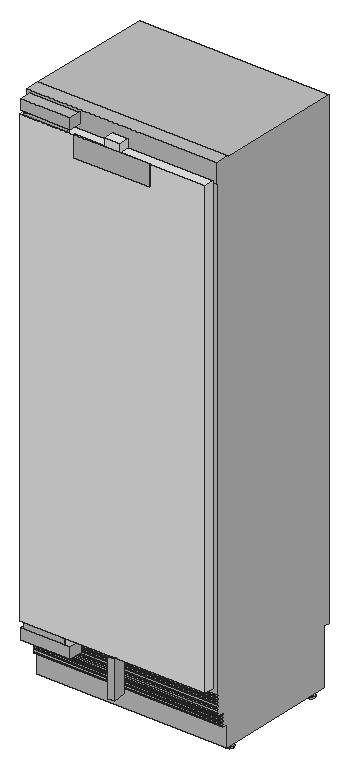
Revit family "FP-Revit20-en-RS3084SLHE1-Fridge-0-CA-US-90001076A", category Specialty Equipment, Revit 2020
Family settings
  Round Connector Dimension = Use Diameter
  Part Type = Normal
  OmniClass Number = 23.40.40.11.11
  OmniClass Title = Refrigerators and Freezers
  Work Plane-Based = No
  Always vertical = Yes
  Cut with Voids When Loaded = Yes
  Shared = No
  Room Calculation Point = No
Parameters (values of type "RS3084SLHE1")
  Visibility - Water Connection = no
  Visibility - Visibility Control Note = yes
  Visibility - Clearance Required = yes
  URL = "www.fisherpaykel.com"
  Stainless Steel Door Panels (RD3484L4D) = no
  Product - Width = 756 mm  # constant formula
  Product - Height = 2134 mm  # constant formula
  Product - Depth (exl front panel) = 610 mm  # constant formula
  Model = "RS3084SLHE1"
  Material - Handle = Fisher & Paykel - Aluminium
  Material - Door Structure = Fisher & Paykel - White
  Material - Door Front = Fisher & Paykel - Stainless Steel
  Material - Body = Fisher & Paykel - Grey
  Manufacturer = "Fisher & Paykel Appliances"
  Handle Style - Professional Square (AHV2-RD84) = no
  Handle Style - Professional Round (AHC-RD84) = no
  Handle Style - Contemporary Square (AHD3-RD84) = no
  Handle Style - Contemporary Round (AHS-RD84) = no
  Description = "30\" Integrated Column Refrigerator with stainless steel interior"
  Default Elevation = 0 mm
  Connector Description - Water = "Water Supply not required"
  Connector Description - Electrical = "120 V, 10 amp fused electrical supply"
  Cavity - Width = 762 mm  # constant formula
  Cavity - Height = 2134 mm  # constant formula
  Cavity - Depth = 635 mm  # constant formula
Types (4, lengths in mm): name | Visibility - Water Connection | Model | Description | Connector Description - Water
  (no name) | no | "RS3084SLHE1" | "30\" Integrated Column Refrigerator with stainless steel interior" | "Water Supply not required"
  RS3084SLHE1 | no | "RS3084SLHE1" | "30\" Integrated Column Refrigerator with stainless steel interior" | "Water Supply not required"
  RS3084SLHK1 | yes | "RS3084SLHK1" | "30\" Integrated Column Refrigerator with internal internal water, stainless steel interior" | "1/4\" (6mm) comp. stainless steel braided hose"
  RS3084SL1 | no | "RS3084SL1" | "30\" Integrated Column Refrigerator" | "Water Supply not required"
Reference planes
  plane 1 "Datum": y = 0
  plane 2: z = 0
  plane 3 "Center (Left/Right)": x = 0
  plane 4 "Product LHS": x = -378
  plane 5 "Product RHS": x = 378
  plane 6 "Product - Depth": y = 610
  plane 7 "Cavity LHS": x = -381
  plane 8 "Cavity RHS": x = 381
  plane 9 "Cavity - Depth": y = 612.9
  plane 10 "Handle Offset": x = 315
  plane 11 "Product Height": z = 2134
  plane 12 "Cavity Height": z = 2134
  plane 13 "Door Panel Datum": y = -4.1
Forms (mm)
  Extrusion 1, solid, material "Fisher & Paykel - Grey" <- "Material - Body", detail levels fine
    sketch origin (0, 0, 0) x (0, 1, 0) y (0, 0, 1)
      loop
        line (100.1, 19.1) -> (587.9, 19.1) -> (587.9, 239.7) -> (610, 239.7) -> (610, 2131.9) -> (105.1, 2131.9) -> (105.1, 2134) -> (49.9, 2134) -> (49.9, 2059) -> (56, 2059) -> (56, 228.6) -> (59.5, 228.6) -> (59.5, 219.7) -> (56.5, 219.7) -> (56.5, 215.9) -> (59.5, 215.9) -> (59.5, 207) -> (56.5, 207) -> (56.5, 203.2) -> (59.5, 203.2) -> (59.5, 194.3) -> (56.5, 194.3) -> (56.5, 190.5) -> (59.5, 190.5) -> (59.5, 181.6) -> (56.5, 181.6) -> (56.5, 177.8) -> (59.5, 177.8) -> (59.5, 168.9) -> (56.5, 168.9) -> (56.5, 165.1) -> (59.5, 165.1) -> (59.5, 156.2) -> (56.5, 156.2) -> (56.5, 152.4) -> (84.1, 152.4) -> (84.1, 143.5) -> (81.1, 143.5) -> (81.1, 139.7) -> (84.1, 139.7) -> (84.1, 130.8) -> (81.1, 130.8) -> (81.1, 127) -> (84.1, 127) -> (84.1, 118.1) -> (81.1, 118.1) -> (81.1, 114.3) -> (84.1, 114.3) -> (84.1, 105.4) -> (81.1, 105.4) -> (81.1, 101.6) -> (100.1, 101.6) -> (100.1, 19.1)
    from -378 to 378
  Extrusion 2, solid, material "Fisher & Paykel - Grey" <- "Material - Body"
    sketch origin (0, 0, 0) x (1, 0, 0) y (0, 1, 0)
      loop
        circle (-357.5, 547.8) r 4.1
      loop
        circle (-357.5, 141.8) r 4.1
      loop
        circle (357.5, 547.8) r 4.1
      loop
        circle (357.5, 141.8) r 4.1
    from 3 to 19.1
  Extrusion 3, solid, material "Fisher & Paykel - Grey" <- "Material - Body"
    sketch origin (0, 0, 0) x (1, 0, 0) y (0, 1, 0)
      loop
        circle (-357.5, 547.8) r 14.5
      loop
        circle (-357.5, 141.8) r 14.555
      loop
        circle (357.5, 547.8) r 14.5
      loop
        circle (357.5, 141.8) r 14.555
    from 0 to 3
  Extrusion 4, solid, material "Fisher & Paykel - Grey" <- "Material - Body", detail levels fine
    sketch origin (0, 0, 0) x (1, 0, 0) y (0, 1, 0)
      loop
        line (-7.5, 49) -> (-13.797, -4.1) -> (13.797, -4.1) -> (7.5, 49) -> (-7.5, 49)
    from 104.2 to 254.2
  Extrusion 5, solid, material "Fisher & Paykel - Grey" <- "Material - Body", detail levels fine
    sketch origin (0, 0, 0) x (0, 1, 0) y (0, 0, 1)
      loop
        line (0, 2070.6) -> (0, 1988.6) -> (2, 1988.6) -> (2, 2068.6) -> (4, 2068.6) -> (4, 2070.6) -> (0, 2070.6)
    from -150 to 150
  Extrusion 6, solid, material "Fisher & Paykel - Grey" <- "Material - Body"
    sketch origin (0, 0, 0) x (1, 0, 0) y (0, 0, 1)
      loop
        circle (303, 119.813) r 5
      loop
        circle (-303, 119.813) r 5
    from -590 to -587.9
  Extrusion 7, solid, material "Fisher & Paykel - White" <- "Material - Door Structure"
    sketch origin (0, 0, 0) x (1, 0, 0) y (0, 1, 0)
      loop
        line (-353, 56) -> (-353, 42) -> (353, 42) -> (353, 56) -> (-353, 56)
    from 269.6 to 2030.7
  Extrusion 8, solid, material "Fisher & Paykel - White" <- "Material - Door Structure"
    sketch origin (0, 0, 0) x (1, 0, 0) y (0, 1, 0)
      loop
        line (-369.4, 42) -> (-369.4, 3) -> (369.4, 3) -> (369.4, 42) -> (-369.4, 42)
    from 254.2 to 2068.6
  Extrusion 9, solid, material "Fisher & Paykel - White" <- "Material - Door Structure", detail levels fine
    sketch origin (0, 0, 0) x (1, 0, 0) y (0, 0, 1)
      loop
        line (-29.5, 2100.1) -> (-29.5, 2068.6) -> (29.5, 2068.6) -> (29.5, 2100.1) -> (-29.5, 2100.1)
    from -42 to -3
  Extrusion 10, solid, material "Fisher & Paykel - Stainless Steel" <- "Material - Door Front", visible <- "Stainless Steel Door Panels (RD3484L4D)"
    sketch origin (0, 0, 0) x (0, 1, 0) y (0, 0, 1)
      loop
        line (-22.1, 2130.8) -> (-22.1, 102) -> (-4.1, 102) -> (-4.1, 2130.8) -> (-22.1, 2130.8)
    from -378 to 378
  Extrusion 11, solid, material "Fisher & Paykel - Grey" <- "Material - Body", detail levels coarse+medium
    sketch origin (0, 0, 0) x (0, 1, 0) y (0, 0, 1)
      loop
        line (49.9, 2134) -> (49.9, 2059) -> (56, 2059) -> (56, 152.4) -> (81.1, 152.4) -> (81.1, 101.6) -> (100.1, 101.6) -> (100.1, 19.1) -> (587.9, 19.1) -> (587.9, 239.7) -> (610, 239.7) -> (610, 2134) -> (49.9, 2134)
    from -378 to 378
  Extrusion 12, solid, material "Fisher & Paykel - Grey" <- "Material - Body", detail levels fine
    sketch origin (0, 0, 0) x (-1, 0, 0) y (0, 0, -1)
      loop
        line (366.4, -187.65) -> (168.42, -187.65) -> (168.42, -229.75) -> (366.4, -229.75) -> (366.4, -187.65)
    from -56 to -2.5
  Extrusion 13, solid, material "Fisher & Paykel - Grey" <- "Material - Body", detail levels fine
    sketch origin (0, 0, 0) x (-1, 0, 0) y (0, 0, -1)
      loop
        line (366.4, -2123.15) -> (366.4, -2081.05) -> (168.42, -2081.05) -> (168.42, -2123.15) -> (366.4, -2123.15)
    from -49 to -2.5
  Extrusion 14, solid, material "Fisher & Paykel - Grey" <- "Material - Body", detail levels fine
    sketch origin (0, 0, -4) x (0, 1, 0) y (0, 0, 1)
      loop
        arc (163.888, 23.1) -> (180.4, 13.63) -> (196.912, 23.1) r 19.13
        line (196.912, 23.1) -> (163.888, 23.1)
      loop
        arc (493.888, 23.1) -> (510.4, 13.63) -> (526.912, 23.1) r 19.13
        line (526.912, 23.1) -> (493.888, 23.1)
    from 191 to 219
  Extrusion 15, solid, material "Fisher & Paykel - Grey" <- "Material - Body", detail levels fine
    sketch origin (0, 0, -4) x (0, 1, 0) y (0, 0, -1)
      loop
        line (163.888, -23.1) -> (196.912, -23.1)
        arc (196.912, -23.1) -> (180.4, -13.63) -> (163.888, -23.1) r 19.13
      loop
        line (493.888, -23.1) -> (526.912, -23.1)
        arc (526.912, -23.1) -> (510.4, -13.63) -> (493.888, -23.1) r 19.13
    from 191 to 219
  Extrusion 16, solid, material "Fisher & Paykel - Clearance Required", visible <- "Visibility - Clearance Required", detail levels coarse
    sketch origin (0, 0, 0) x (1, 0, 0) y (0, 1, 0)
      loop
        line (-381, 612.9) -> (-381, -4.1) -> (381, -4.1) -> (381, 612.9) -> (-381, 612.9)
    from 0 to 2134
  Extrusion 17, void
    sketch origin (0, 0, 0) x (1, 0, 0) y (0, 1, 0)
      loop
        line (-381, 612.9) -> (-381, -22.1) -> (381, -22.1) -> (381, 612.9) -> (-381, 612.9)
    from 0 to 2134
  Extrusion 18, solid, material "Fisher & Paykel - Grey" <- "Material - Body", detail levels fine
    sketch origin (-73, 0, 0) x (-1, 0, 0) y (0, 0, -1)
      loop
        line (118.4, -254.2) -> (282.9, -254.2) -> (282.9, -229.75) -> (118.4, -229.75) -> (118.4, -254.2)
      loop
        line (106, -2081.05) -> (242.9, -2081.05) -> (282.9, -2076.05) -> (282.9, -2068.6) -> (106, -2068.6) -> (106, -2081.05)
    from -7 to -4
  Extrusion 19, solid, material "Fisher & Paykel - Clearance Required", visible <- "Visibility - Clearance Required", detail levels coarse
    sketch origin (0, 0, 0) x (-1, 0, 0) y (0, -1, 0)
      loop
        line (301.5, 22.1) -> (378, 22.1)
        arc (378, 22.1) -> (380.992, 57.074) -> (415.915, 60.616) r 27.5
        line (415.915, 60.616) -> (697.006, 665.395) -> (723.252, 653.196)
        arc (723.252, 653.196) -> (747.815, 662.136) -> (738.875, 686.699) r 18.483
        line (738.875, 686.699) -> (712.602, 698.95) -> (734.604, 746.289)
        arc (734.604, 746.289) -> (-22.015, 691.951) -> (-378, 22.1) r 783.517
        line (-378, 22.1) -> (301.5, 22.1)
    from 0 to 2134
Lines and regions (mm)
  model lines, style "Fisher & Paykel"
    curve 1: line (-378, -4.1, 2130.8) -> (378, -4.1, 2130.8)
    curve 2: line (-378, -4.1, 102) -> (-378, -4.1, 2130.8)
    curve 3: line (378, -4.1, 102) -> (-378, -4.1, 102)
    curve 4: line (378, -4.1, 2130.8) -> (378, -4.1, 102)
Text (mm)
  text "Due to ongoing product development, product details are subject to change without notice. \nPlease always refer to www.fisherpaykel.com for the most current product information. \n© Fisher & Paykel 2020" at (41.04, -848.295, 0), in view "Ref. Level (Plan)"
Dimensions and locks
  equal spacing: plane 4 "Product LHS", plane 3 "Center (Left/Right)", plane 5 "Product RHS"
  "Product - Width": plane 4 "Product LHS" to plane 5 "Product RHS"
  "Product - Depth (exl front panel)": plane 1 "Datum" to plane 6 "Product - Depth"
  equal spacing: plane 7 "Cavity LHS", plane 3 "Center (Left/Right)", plane 8 "Cavity RHS"
  "Cavity - Width": plane 7 "Cavity LHS" to plane 8 "Cavity RHS"
  plane 4 "Product LHS" to Extrusion 2 sketch curve = 24.6 mm
  plane 4 "Product LHS" to plane 10 "Handle Offset" = 693 mm
  Extrusion 6 sketch curve to Extrusion 1 = 119.887 mm  (x2)
  Extrusion 6 sketch curve to plane 5 "Product RHS" = 75 mm
  plane 4 "Product LHS" to Extrusion 6 sketch curve = 75 mm
  Extrusion 1 sketch curve to Extrusion 1 sketch curve = 82.5 mm
  Extrusion 1 sketch curve to Extrusion 1 sketch curve = 209.5 mm
  Extrusion 1 sketch curve to Extrusion 1 sketch curve = 220.6 mm
  Extrusion 3 to level = 3 mm
  Extrusion 11 to Extrusion 8 = 235.1 mm
  Extrusion 11 to Extrusion 7 = 250.5 mm
  Extrusion 11 to Extrusion 11 = 2114.9 mm
  Extrusion 11 to Extrusion 10 = 82.9 mm
  "Product - Height": level to plane 11 "Product Height"
  plane 11 "Product Height" to Extrusion 10 = 3.2 mm
  Extrusion 8 to plane 11 "Product Height" = 65.4 mm
  Extrusion 7 to plane 11 "Product Height" = 103.3 mm
  Extrusion 11 sketch curve to plane 11 "Product Height" = 75 mm
  Extrusion 1 sketch curve to plane 11 "Product Height" = 2.1 mm
  Extrusion 1 sketch curve to plane 11 "Product Height" = 75 mm
  "Cavity - Height": plane 12 "Cavity Height" to level
  plane 1 "Datum" to Extrusion 16 = 612.9 mm
  plane 1 "Datum" to Extrusion 17 = 612.9 mm
  Extrusion 18 sketch curve to Extrusion 18 sketch curve = 40 mm
  Extrusion 18 sketch curve to Extrusion 18 sketch curve = 176.9 mm
  plane 3 "Center (Left/Right)" to Extrusion 18 sketch curve = 179 mm
  plane 3 "Center (Left/Right)" to Extrusion 18 sketch curve = 191.4 mm
  plane 3 "Center (Left/Right)" to Extrusion 18 sketch curve = 355.9 mm
  plane 3 "Center (Left/Right)" to Extrusion 13 sketch curve = 168.42 mm
  plane 3 "Center (Left/Right)" to Extrusion 12 sketch curve = 168.42 mm
  plane 1 "Datum" to Extrusion 19 = 22.1 mm
  "Cavity - Depth": plane 9 "Cavity - Depth" to Extrusion 19
  plane 10 "Handle Offset" to plane 5 "Product RHS" = 63 mm
  radius of Extrusion 6 sketch curve = 5 mm
  aligned and locked: level to plane 2
  aligned and locked: Extrusion 10 to plane 5 "Product RHS"
  aligned and locked: plane 4 "Product LHS" to Extrusion 10
  aligned and locked: Extrusion 11 to plane 5 "Product RHS"
  aligned and locked: Extrusion 11 to plane 4 "Product LHS"
  aligned and locked: Extrusion 11 sketch curve to plane 11 "Product Height"
  aligned and locked: plane 11 "Product Height" to Extrusion 1 sketch curve
  aligned and locked: Extrusion 14 sketch curve to Extrusion 14 sketch curve
  aligned and locked: Extrusion 15 sketch curve to Extrusion 15 sketch curve
  aligned and locked: Extrusion 1 to plane 5 "Product RHS"
  aligned and locked: plane 4 "Product LHS" to Extrusion 1
  aligned and locked: Extrusion 11 sketch curve to Extrusion 1  (x4)
  aligned and locked: Extrusion 2 to Extrusion 1
  aligned and locked: nested 2 to plane 10 "Handle Offset"
  aligned and locked: nested 3 to plane 10 "Handle Offset"
  aligned and locked: nested 4 to plane 10 "Handle Offset"
  aligned and locked: nested 5 to plane 10 "Handle Offset"
Automatic sketch dimensions
  Extrusion 1 sketch curve to plane 6 "Product - Depth" = 0 mm
  Extrusion 1 sketch curve to Extrusion 1 sketch curve = 22.1 mm
  Extrusion 1 sketch curve to plane 1 "Datum" = 105.1 mm
  level to Extrusion 1 sketch curve = 19.1 mm
  Extrusion 1 sketch curve to plane 1 "Datum" = 100.1 mm
  Extrusion 1 sketch curve to Extrusion 1 sketch curve = 16 mm
  Extrusion 1 sketch curve to Extrusion 1 sketch curve = 0 mm  (x8)
  Extrusion 1 sketch curve to Extrusion 1 sketch curve = 3 mm  (x10)
  Extrusion 1 sketch curve to plane 1 "Datum" = 59.5 mm
  Extrusion 1 sketch curve to plane 1 "Datum" = 56 mm
  Extrusion 1 sketch curve to plane 1 "Datum" = 49.9 mm
  Extrusion 1 sketch curve to Extrusion 1 sketch curve = 3.8 mm  (x10)
  Extrusion 1 sketch curve to Extrusion 1 sketch curve = 8.9 mm  (x9)
  Extrusion 2 sketch curve to plane 4 "Product LHS" = 20.5 mm  (x2)
  plane 5 "Product RHS" to Extrusion 2 sketch curve = 20.5 mm  (x2)
  Extrusion 2 sketch curve to plane 1 "Datum" = 141.8 mm  (x2)
  Extrusion 2 sketch curve to plane 6 "Product - Depth" = 62.2 mm  (x2)
  Extrusion 3 sketch curve to plane 4 "Product LHS" = 20.5 mm  (x2)
  plane 5 "Product RHS" to Extrusion 3 sketch curve = 20.5 mm  (x2)
  Extrusion 3 sketch curve to plane 1 "Datum" = 141.8 mm  (x2)
  Extrusion 3 sketch curve to plane 6 "Product - Depth" = 62.2 mm  (x2)
  plane 1 "Datum" to Extrusion 4 sketch curve = 4.1 mm
  Extrusion 4 sketch curve to plane 3 "Center (Left/Right)" = 13.797 mm
  Extrusion 4 sketch curve to plane 3 "Center (Left/Right)" = 7.5 mm
  plane 3 "Center (Left/Right)" to Extrusion 4 sketch curve = 7.5 mm
  plane 3 "Center (Left/Right)" to Extrusion 4 sketch curve = 13.797 mm
  Extrusion 4 sketch curve to plane 1 "Datum" = 49 mm
  Extrusion 5 sketch curve to plane 1 "Datum" = 0 mm
  Extrusion 5 sketch curve to plane 1 "Datum" = 2 mm
  Extrusion 5 sketch curve to Extrusion 5 sketch curve = 2 mm  (x2)
  plane 11 "Product Height" to Extrusion 5 sketch curve = 145.4 mm
  plane 11 "Product Height" to Extrusion 5 sketch curve = 65.4 mm
  Extrusion 7 sketch curve to plane 4 "Product LHS" = 25 mm
  plane 5 "Product RHS" to Extrusion 7 sketch curve = 25 mm
  Extrusion 7 sketch curve to plane 1 "Datum" = 42 mm
  Extrusion 7 sketch curve to Extrusion 7 sketch curve = 14 mm
  Extrusion 8 sketch curve to plane 1 "Datum" = 3 mm
  Extrusion 8 sketch curve to plane 4 "Product LHS" = 8.6 mm
  plane 5 "Product RHS" to Extrusion 8 sketch curve = 8.6 mm
  Extrusion 8 sketch curve to Extrusion 8 sketch curve = 39 mm
  Extrusion 9 sketch curve to plane 3 "Center (Left/Right)" = 29.5 mm
  plane 3 "Center (Left/Right)" to Extrusion 9 sketch curve = 29.5 mm
  plane 11 "Product Height" to Extrusion 9 sketch curve = 65.4 mm
  Extrusion 9 sketch curve to Extrusion 9 sketch curve = 31.5 mm
  plane 1 "Datum" to Extrusion 10 sketch curve = 22.1 mm
  plane 1 "Datum" to Extrusion 10 sketch curve = 4.1 mm
  level to Extrusion 10 sketch curve = 102 mm
  plane 11 "Product Height" to Extrusion 10 sketch curve = 3.2 mm
  Extrusion 11 sketch curve to plane 6 "Product - Depth" = 0 mm
  Extrusion 11 sketch curve to plane 6 "Product - Depth" = 22.1 mm
  Extrusion 11 sketch curve to plane 1 "Datum" = 100.1 mm
  Extrusion 11 sketch curve to Extrusion 11 sketch curve = 19 mm
  Extrusion 11 sketch curve to plane 1 "Datum" = 56 mm
  Extrusion 11 sketch curve to plane 1 "Datum" = 49.9 mm
  Extrusion 11 sketch curve to Extrusion 11 sketch curve = 50.8 mm
  plane 4 "Product LHS" to Extrusion 12 sketch curve = 11.6 mm
  Extrusion 12 sketch curve to level = 187.65 mm
  Extrusion 12 sketch curve to Extrusion 12 sketch curve = 42.1 mm
  plane 4 "Product LHS" to Extrusion 13 sketch curve = 11.6 mm
  Extrusion 13 sketch curve to plane 11 "Product Height" = 52.95 mm
  Extrusion 13 sketch curve to plane 11 "Product Height" = 10.85 mm
  level to Extrusion 14 sketch curve = 19.1 mm
  Extrusion 14 sketch curve to plane 1 "Datum" = 163.888 mm
  Extrusion 14 sketch curve to Extrusion 14 sketch curve = 16.512 mm  (x2)
  Extrusion 14 sketch curve to plane 6 "Product - Depth" = 116.112 mm
  Extrusion 14 sketch curve to Extrusion 14 sketch curve = 9.66 mm  (x2)
  level to Extrusion 15 sketch curve = 19.1 mm
  Extrusion 15 sketch curve to plane 1 "Datum" = 163.888 mm
  Extrusion 15 sketch curve to Extrusion 15 sketch curve = 16.512 mm  (x2)
  Extrusion 15 sketch curve to plane 6 "Product - Depth" = 116.112 mm
  Extrusion 15 sketch curve to Extrusion 15 sketch curve = 9.66 mm  (x2)
  Extrusion 16 sketch curve to plane 7 "Cavity LHS" = 0 mm
  Extrusion 16 sketch curve to plane 8 "Cavity RHS" = 0 mm
  Extrusion 16 sketch curve to plane 9 "Cavity - Depth" = 0 mm
  plane 1 "Datum" to Extrusion 16 sketch curve = 4.1 mm
  Extrusion 17 sketch curve to plane 7 "Cavity LHS" = 0 mm
  Extrusion 17 sketch curve to plane 8 "Cavity RHS" = 0 mm
  plane 9 "Cavity - Depth" to Extrusion 17 sketch curve = 0 mm
  plane 1 "Datum" to Extrusion 17 sketch curve = 22.1 mm
  Extrusion 18 sketch curve to level = 229.75 mm
  Extrusion 18 sketch curve to Extrusion 18 sketch curve = 24.45 mm
  Extrusion 18 sketch curve to plane 11 "Product Height" = 65.4 mm
  Extrusion 18 sketch curve to Extrusion 18 sketch curve = 7.45 mm
  Extrusion 18 sketch curve to Extrusion 18 sketch curve = 5 mm
  Extrusion 19 sketch curve to plane 5 "Product RHS" = 0 mm
  Extrusion 19 sketch curve to plane 1 "Datum" = 22.1 mm
  plane 4 "Product LHS" to Extrusion 19 sketch curve = 76.5 mm
  plane 4 "Product LHS" to Extrusion 19 sketch curve = 0 mm
  Extrusion 19 sketch curve to plane 7 "Cavity LHS" = 19.59 mm
  Extrusion 19 sketch curve to Extrusion 19 sketch curve = 4.816 mm
  Extrusion 19 sketch curve to Extrusion 19 sketch curve = 10.509 mm
  Extrusion 19 sketch curve to plane 7 "Cavity LHS" = 316.006 mm
  Extrusion 19 sketch curve to Extrusion 19 sketch curve = 15.596 mm
  Extrusion 19 sketch curve to Extrusion 19 sketch curve = 26.246 mm
  Extrusion 19 sketch curve to Extrusion 19 sketch curve = 7.811 mm  (x2)
  Extrusion 19 sketch curve to Extrusion 19 sketch curve = 22.003 mm
  Extrusion 19 sketch curve to Extrusion 19 sketch curve = 13.185 mm
  Extrusion 19 sketch curve to Extrusion 19 sketch curve = 2.497 mm
  Extrusion 19 sketch curve to Extrusion 19 sketch curve = 93.093 mm
  Extrusion 19 sketch curve to Extrusion 19 sketch curve = 16.751 mm
  Extrusion 19 sketch curve to Extrusion 19 sketch curve = 12.251 mm
  plane 5 "Product RHS" to curve 1 = 0 mm
  plane 4 "Product LHS" to curve 3 = 0 mm
  level to curve 3 = 102 mm
  plane 11 "Product Height" to curve 2 = 3.2 mm
  radius of Extrusion 2 sketch curve = 4.1 mm  (x3)
  radius of Extrusion 3 sketch curve = 14.5 mm  (x2)
  radius of Extrusion 3 sketch curve = 14.555 mm  (x2)
  radius of Extrusion 6 sketch curve = 5 mm
Nested families
  nested 1: "Visibility Control Note 18" at (0, 0, 0), visible <- "Visibility - Visibility Control Note", type "Visibility Control Note 18"
  nested 2: "Handle Contemporary Round - Vertical" at (315, -22.1, 1242.58), visible <- "Handle Style - Contemporary Round (AHS-RD84)", type "AHS-RD84 - Contemporary round handle (Vertical) 852mm"
  nested 3: "Handle Contemporary Square - Vertical" at (315, -22.1, 1242.58), visible <- "Handle Style - Contemporary Square (AHD3-RD84)", type "AHD3-RD84 - Contemporary square handle (Vertical) 852mm"
  nested 4: "Handle Professional Round - Vertical" at (315, -22.1, 1242.58), visible <- "Handle Style - Professional Round (AHC-RD84)", type "AHC-RD84 - Professional round handle (Vertical) 786mm"
  nested 5: "Handle Professional Square - Vertical" at (315, -22.1, 1242.58), visible <- "Handle Style - Professional Square (AHV2-RD84)", type "AHV2-RD84 - Professional square handle (Vertical) 792mm"
Connectors
  electrical at (-303, 590, 119.813), driven by "Connector Description - Electrical"
    settings: on Extrusion 6, index 1, voltage 120 V, apparent load 0 VA, apparent load phase1 0 VA, apparent load phase2 0 VA, apparent load phase3 0 VA, power factor 1, load classification "Other", number of poles 1, system type 30, power factor state 1, is connector primary yes, connector utility no, sub classification motor no, connector description "120 V, 10 amp fused electrical supply"
  piping at (303, 590, 119.813), diameter 12.7, driven by "Visibility - Water Connection", driven by "Connector Description - Water"
    settings: on Extrusion 6, index 2, connector inside diameter 609.6 mm, connector length 0 mm, flow factor 0, pipe flow 0.0 L/s, pressure drop 0.0 Pa, fitting loss kfactor 0, connector angle 0.00°, fixture units 0, engagement length 0 mm, angle of deflection 0.00°, flow configuration 0, flow direction 1, fitting loss method 0, system type 20, joint type 0, gender type 0, connector reference index -1, connector utility 0, adjustable connector no, is connector primary yes, connector description "Water Supply not required"
Definition of nested family "Handle Contemporary Round - Vertical"
  Parameters (values of type "AHSRS80A - Contemporary round handle (1 of 2) (Vertical) 727mm")
    URL = "www.fisherpaykel.com"
    Material - Handle = none
    Manufacturer = "Fisher & Paykel Appliances"
    Handle - Length = 727 mm
    Default Elevation = 0 mm
  Types (6, lengths in mm): name | Handle - Length
    AHS-RD21 - Contemporary round handle (Vertical) 852mm | 852
    AHSRD2484W - Contemporary round handle (1 of 2) (Vertical) 727mm | 727
    AHSRD3084W - Contemporary round handle (1 of 2) (Vertical) 727mm | 727
    AHS-RD84 - Contemporary round handle (Vertical) 852mm | 852
    AHSRS3272A - Contemporary round handle (1 of 2) (Vertical) 727mm | 727
    AHSRS80A - Contemporary round handle (1 of 2) (Vertical) 727mm | 727
  Reference planes
    plane 1 "Center (Front/Back)": y = 0
    plane 2: z = 0
    plane 3 "Center (Left/Right)": x = 0
    plane 4 "Top": z = 363.5
    plane 5 "Bottom": z = -363.5
    plane 6 "Top Standoff": z = 243.5
    plane 7 "Bottom Standoff": z = -243.5
  Forms (mm)
    Extrusion 1, solid, material <- "Material - Handle"
      sketch origin (0, 0, 0) x (1, 0, 0) y (0, 1, 0)
        loop
          circle (0, -32.3) r 8.7
      from -243.5 to 243.5
    Extrusion 2, solid, material <- "Material - Handle", detail levels fine
      sketch origin (0, 0, 0) x (1, 0, 0) y (0, 1, 0)
        loop
          line (-8.7, 0) -> (-8.7, -32.3)
          arc (-8.7, -32.3) -> (0, -41) -> (8.7, -32.3) r 8.7
          line (8.7, -32.3) -> (8.7, 0) -> (-8.7, 0)
      from 243.5 to 363.5
    Extrusion 3, solid, material <- "Material - Handle", detail levels fine
      sketch origin (0, 0, 0) x (1, 0, 0) y (0, 1, 0)
        loop
          line (-8.7, 0) -> (-8.7, -32.3)
          arc (-8.7, -32.3) -> (0, -41) -> (8.7, -32.3) r 8.7
          line (8.7, -32.3) -> (8.7, 0) -> (-8.7, 0)
      from -363.5 to -243.5
    Sweep 4, void
      path in 3D
        loop
          line (8.7, 0, -363.5) -> (8.7, -32.3, -363.5)
          arc (8.7, -32.3, -363.5) -> (0, -41, -363.5) -> (-8.7, -32.3, -363.5) r 8.7
          line (-8.7, -32.3, -363.5) -> (-8.7, 0, -363.5)
      profile origin (8.7, -16.15, -363.5) x (-1, 0, 0) y (0, 0, -1)
        loop
          line (0, 0) -> (0, -1) -> (1, 0) -> (0, 0)
    Sweep 5, void
      path in 3D
        loop
          line (-8.7, 0, 363.5) -> (-8.7, -32.3, 363.5)
          arc (-8.7, -32.3, 363.5) -> (0, -41, 363.5) -> (8.7, -32.3, 363.5) r 8.7
          line (8.7, -32.3, 363.5) -> (8.7, 0, 363.5)
      profile origin (8.7, -16.15, 363.5) x (-1, 0, 0) y (0, 0, 1)
        loop
          line (0, 0) -> (0, -1) -> (1, 0) -> (0, 0)
    Extrusion 6, solid, material <- "Material - Handle", detail levels coarse+medium
      sketch origin (0, 0, 0) x (1, 0, 0) y (0, 1, 0)
        loop
          line (-8.7, 0) -> (-8.7, -32.3)
          arc (-8.7, -32.3) -> (0, -41) -> (8.7, -32.3) r 8.7
          line (8.7, -32.3) -> (8.7, 0) -> (-8.7, 0)
      from 243.5 to 363.5
    Extrusion 7, solid, material <- "Material - Handle", detail levels coarse+medium
      sketch origin (0, 0, 0) x (1, 0, 0) y (0, 1, 0)
        loop
          line (-8.7, 0) -> (-8.7, -32.3)
          arc (-8.7, -32.3) -> (0, -41) -> (8.7, -32.3) r 8.7
          line (8.7, -32.3) -> (8.7, 0) -> (-8.7, 0)
      from -363.5 to -243.5
  Cuts and joins
    Sweep 4 cuts Extrusion 3
    Sweep 5 cuts Extrusion 2
  Lines and regions (mm)
    sketch lines
      curve 1: line (8.7, 0, -363.5) -> (8.7, -32.3, -363.5)
      curve 2: arc (-8.7, -32.3, -363.5) -> (0, -41, -363.5) -> (8.7, -32.3, -363.5) r 8.7
      curve 3: line (-8.7, -32.3, -363.5) -> (-8.7, 0, -363.5)
      curve 4: line (8.7, -32.3, 363.5) -> (8.7, 0, 363.5)
      curve 5: arc (8.7, -32.3, 363.5) -> (0, -41, 363.5) -> (-8.7, -32.3, 363.5) r 8.7
      curve 6: line (-8.7, 0, 363.5) -> (-8.7, -32.3, 363.5)
  Dimensions and locks
    equal spacing: plane 4 "Top", level, plane 5 "Bottom"
    "Handle - Length": plane 4 "Top" to plane 5 "Bottom"
    locked: plane 4 "Top" to plane 6 "Top Standoff" at 120
    locked: plane 7 "Bottom Standoff" to plane 5 "Bottom" at 120
    Extrusion 2 sketch curve to Extrusion 2 sketch curve = 17.4 mm
    Extrusion 3 sketch curve to Extrusion 3 sketch curve = 17.4 mm
    Extrusion 6 sketch curve to Extrusion 6 sketch curve = 17.4 mm
    Extrusion 7 sketch curve to Extrusion 7 sketch curve = 17.4 mm
    aligned and locked: level to plane 2
    aligned and locked: plane 4 "Top" to Extrusion 2
    aligned and locked: Extrusion 3 to plane 5 "Bottom"
    aligned and locked: plane 7 "Bottom Standoff" to Extrusion 3
    aligned and locked: Extrusion 1 to plane 7 "Bottom Standoff"
    aligned and locked: plane 6 "Top Standoff" to Extrusion 1
    aligned and locked: Extrusion 2 to Extrusion 1
    aligned and locked: Extrusion 6 to Extrusion 1
    aligned and locked: plane 4 "Top" to Extrusion 6
    aligned and locked: Extrusion 7 to Extrusion 1
    aligned and locked: Extrusion 7 to plane 5 "Bottom"
  Automatic sketch dimensions
    Extrusion 1 sketch curve to plane 3 "Center (Left/Right)" = 0 mm
    plane 1 "Center (Front/Back)" to Extrusion 1 sketch curve = 32.3 mm
    plane 1 "Center (Front/Back)" to Extrusion 2 sketch curve = 0 mm
    Extrusion 2 sketch curve to plane 3 "Center (Left/Right)" = 0 mm
    Extrusion 2 sketch curve to plane 3 "Center (Left/Right)" = 8.7 mm
    plane 1 "Center (Front/Back)" to Extrusion 2 sketch curve = 32.3 mm
    plane 1 "Center (Front/Back)" to Extrusion 3 sketch curve = 0 mm
    Extrusion 3 sketch curve to plane 3 "Center (Left/Right)" = 0 mm
    Extrusion 3 sketch curve to plane 3 "Center (Left/Right)" = 8.7 mm
    plane 1 "Center (Front/Back)" to Extrusion 3 sketch curve = 32.3 mm
    Sweep 4 sketch curve to profile plane = 0 mm  (x2)
    Sweep 4 sketch curve to profile plane = 1 mm  (x2)
    Sweep 5 sketch curve to profile plane = 0 mm  (x2)
    Sweep 5 sketch curve to profile plane = 1 mm  (x2)
    Extrusion 6 sketch curve to plane 3 "Center (Left/Right)" = 0 mm
    Extrusion 6 sketch curve to plane 3 "Center (Left/Right)" = 8.7 mm
    plane 1 "Center (Front/Back)" to Extrusion 6 sketch curve = 32.3 mm
    Extrusion 6 sketch curve to Extrusion 6 sketch curve = 32.3 mm
    Extrusion 7 sketch curve to plane 3 "Center (Left/Right)" = 0 mm
    Extrusion 7 sketch curve to plane 3 "Center (Left/Right)" = 8.7 mm
    plane 1 "Center (Front/Back)" to Extrusion 7 sketch curve = 32.3 mm
    Extrusion 7 sketch curve to Extrusion 7 sketch curve = 32.3 mm
    radius of Extrusion 1 sketch curve = 8.7 mm
Definition of nested family "Handle Contemporary Square - Vertical"
  Parameters (values of type "AHD3RS80A - Contemporary square handle (1 of 2) (Vertical) 727mm")
    URL = "www.fisherpaykel.com"
    Material - Handle = none
    Manufacturer = "Fisher & Paykel Appliances"
    Handle - Length = 727 mm
    Default Elevation = 0 mm
  Types (7, lengths in mm): name | Handle - Length
    (no name) | 727
    AHD3-RD21 - Contemporary square handle (Vertical) 852mm | 852
    AHD3RD2484W - Contemporary square handle (1 of 2) (Vertical) 727mm | 727
    AHD3RD3084W - Contemporary square handle (1 of 2) (Vertical) 727mm | 727
    AHD3-RD84 - Contemporary square handle (Vertical) 852mm | 852
    AHD3RS3272A - Contemporary square handle (1 of 2) (Vertical) 727mm | 727
    AHD3RS80A - Contemporary square handle (1 of 2) (Vertical) 727mm | 727
  Reference planes
    plane 1 "Center (Front/Back)": y = 0
    plane 2: z = 0
    plane 3 "Center (Left/Right)": x = 0
    plane 4 "Top": z = 363.5
    plane 5 "Bottom": z = -363.5
    plane 6 "Top Standoff": z = 243.5
    plane 7 "Bottom Standoff": z = -243.5
  Forms (mm)
    Extrusion 1, solid, material <- "Material - Handle", detail levels fine
      sketch origin (0, 0, 0) x (1, 0, 0) y (0, 1, 0)
        loop
          arc (-7.583, -28.701) -> (-7.89, -29.057) -> (-8, -29.514) r 1
          line (-8, -29.514) -> (-8, -40.5)
          arc (-8, -40.5) -> (-7.561, -41.561) -> (-6.5, -42) r 1.5
          line (-6.5, -42) -> (6.5, -42)
          arc (6.5, -42) -> (7.561, -41.561) -> (8, -40.5) r 1.5
          line (8, -40.5) -> (8, -29.487)
          arc (8, -29.487) -> (7.889, -29.029) -> (7.58, -28.673) r 1
          arc (7.58, -28.673) -> (-0.006, -26.256) -> (-7.583, -28.701) r 13.038
      from -363.5 to 363.5
    Extrusion 2, solid, material <- "Material - Handle", detail levels fine
      sketch origin (0, 0, 0) x (1, 0, 0) y (0, 1, 0)
        loop
          arc (7.058, -28.23) -> (7.466, -28.244) -> (7.674, -27.893) r 0.4
          line (7.674, -27.893) -> (7.674, 0) -> (-7.674, 0) -> (-7.674, -27.86)
          arc (-7.674, -27.86) -> (-7.467, -28.21) -> (-7.06, -28.198) r 0.4
          arc (-7.06, -28.198) -> (0.004, -26.156) -> (7.058, -28.23) r 13.136
      from 243.5 to 363.5
    Extrusion 3, solid, material <- "Material - Handle", detail levels fine
      sketch origin (0, 0, 0) x (1, 0, 0) y (0, 1, 0)
        loop
          arc (7.058, -28.23) -> (7.466, -28.244) -> (7.674, -27.893) r 0.4
          line (7.674, -27.893) -> (7.674, 0) -> (-7.674, 0) -> (-7.674, -27.86)
          arc (-7.674, -27.86) -> (-7.467, -28.21) -> (-7.06, -28.198) r 0.4
          arc (-7.06, -28.198) -> (0.004, -26.156) -> (7.058, -28.23) r 13.136
      from -363.5 to -243.5
    Sweep 4, void
      path in 3D
        loop
          line (-8, -29.514, 363.5) -> (-8, -40.5, 363.5)
          arc (-8, -40.5, 363.5) -> (-7.561, -41.561, 363.5) -> (-6.5, -42, 363.5) r 1.5
          line (-6.5, -42, 363.5) -> (6.5, -42, 363.5)
          arc (6.5, -42, 363.5) -> (7.561, -41.561, 363.5) -> (8, -40.5, 363.5) r 1.5
          line (8, -40.5, 363.5) -> (8, -29.487, 363.5)
      profile origin (8, -34.994, 363.5) x (-1, 0, 0) y (0, 0, 1)
        loop
          line (0, 0) -> (0, -1.3) -> (1.3, 0) -> (0, 0)
    Sweep 5, void
      path in 3D
        loop
          line (8, -29.487, -363.5) -> (8, -40.5, -363.5)
          arc (8, -40.5, -363.5) -> (7.561, -41.561, -363.5) -> (6.5, -42, -363.5) r 1.5
          line (6.5, -42, -363.5) -> (-6.5, -42, -363.5)
          arc (-6.5, -42, -363.5) -> (-7.561, -41.561, -363.5) -> (-8, -40.5, -363.5) r 1.5
          line (-8, -40.5, -363.5) -> (-8, -29.514, -363.5)
      profile origin (8, -34.994, -363.5) x (-1, 0, 0) y (0, 0, -1)
        loop
          line (0, 0) -> (0, -1.3) -> (1.3, 0) -> (0, 0)
    Extrusion 6, void
      sketch origin (0, 0, 0) x (1, 0, 0) y (0, 0, 1)
        loop
          line (-8, -362.2) -> (-8, -363.5) -> (-6.7, -363.5) -> (-8, -362.2)
        loop
          line (8, -362.2) -> (6.7, -363.5) -> (8, -363.5) -> (8, -362.2)
      from 0 to 40
    Extrusion 7, void
      sketch origin (0, 0, 0) x (1, 0, 0) y (0, 0, 1)
        loop
          line (-8, 363.5) -> (-8, 362.2) -> (-6.7, 363.5) -> (-8, 363.5)
        loop
          line (8, 363.5) -> (6.7, 363.5) -> (8, 362.2) -> (8, 363.5)
      from 0 to 40
    Extrusion 8, solid, material <- "Material - Handle", detail levels coarse+medium
      sketch origin (0, 0, 0) x (0, 1, 0) y (0, 0, 1)
        loop
          line (0, 363.5) -> (-42, 363.5) -> (-42, -363.5) -> (0, -363.5) -> (0, -243.5) -> (-26.245, -243.5) -> (-26.245, 243.5) -> (0, 243.5) -> (0, 363.5)
      from -8 to 8
  Cuts and joins
    Sweep 4, Sweep 5, Extrusion 6, Extrusion 7 cuts Extrusion 1
    Extrusion 6 cuts Extrusion 3
    Extrusion 7 cuts Extrusion 2
  Lines and regions (mm)
    sketch lines
      curve 1: line (8, -40.5, 363.5) -> (8, -29.487, 363.5)
      curve 2: arc (8, -40.5, 363.5) -> (7.561, -41.561, 363.5) -> (6.5, -42, 363.5) r 1.5
      curve 3: line (-6.5, -42, 363.5) -> (6.5, -42, 363.5)
      curve 4: arc (-6.5, -42, 363.5) -> (-7.561, -41.561, 363.5) -> (-8, -40.5, 363.5) r 1.5
      curve 5: line (-8, -29.514, 363.5) -> (-8, -40.5, 363.5)
      curve 6: line (8, -29.487, -363.5) -> (8, -40.5, -363.5)
      curve 7: arc (6.5, -42, -363.5) -> (7.561, -41.561, -363.5) -> (8, -40.5, -363.5) r 1.5
      curve 8: line (6.5, -42, -363.5) -> (-6.5, -42, -363.5)
      curve 9: arc (-8, -40.5, -363.5) -> (-7.561, -41.561, -363.5) -> (-6.5, -42, -363.5) r 1.5
      curve 10: line (-8, -40.5, -363.5) -> (-8, -29.514, -363.5)
  Dimensions and locks
    equal spacing: plane 4 "Top", level, plane 5 "Bottom"
    "Handle - Length": plane 4 "Top" to plane 5 "Bottom"
    locked: plane 4 "Top" to plane 6 "Top Standoff" at 120
    locked: plane 7 "Bottom Standoff" to plane 5 "Bottom" at 120
    aligned and locked: level to plane 2
    aligned and locked: plane 4 "Top" to Extrusion 2
    aligned and locked: Extrusion 2 to plane 6 "Top Standoff"
    aligned and locked: plane 4 "Top" to Extrusion 1
    aligned and locked: Extrusion 1 to plane 5 "Bottom"
    aligned and locked: Extrusion 3 to plane 5 "Bottom"
    aligned and locked: plane 7 "Bottom Standoff" to Extrusion 3
    aligned and locked: plane 4 "Top" to Extrusion 8 sketch curve
    aligned and locked: plane 6 "Top Standoff" to Extrusion 8 sketch curve
    aligned and locked: plane 7 "Bottom Standoff" to Extrusion 8 sketch curve
    aligned and locked: plane 5 "Bottom" to Extrusion 8 sketch curve
    aligned and locked: plane 1 "Center (Front/Back)" to Extrusion 8 sketch curve  (x2)
  Automatic sketch dimensions
    Extrusion 1 sketch curve to plane 3 "Center (Left/Right)" = 8 mm
    Extrusion 1 sketch curve to Extrusion 1 sketch curve = 1 mm  (x2)
    Extrusion 1 sketch curve to Extrusion 1 sketch curve = 1.5 mm
    plane 3 "Center (Left/Right)" to Extrusion 1 sketch curve = 0.018 mm
    plane 3 "Center (Left/Right)" to Extrusion 1 sketch curve = 6.5 mm
    plane 3 "Center (Left/Right)" to Extrusion 1 sketch curve = 7 mm
    plane 1 "Center (Front/Back)" to Extrusion 1 sketch curve = 42 mm
    Extrusion 1 sketch curve to Extrusion 1 sketch curve = 1.206 mm
    Extrusion 1 sketch curve to Extrusion 1 sketch curve = 10.986 mm
    Extrusion 1 sketch curve to Extrusion 1 sketch curve = 11.013 mm
    Extrusion 1 sketch curve to Extrusion 1 sketch curve = 0 mm
    plane 1 "Center (Front/Back)" to Extrusion 2 sketch curve = 0 mm
    Extrusion 2 sketch curve to plane 3 "Center (Left/Right)" = 7.674 mm
    Extrusion 2 sketch curve to Extrusion 2 sketch curve = 0.4 mm  (x2)
    Extrusion 2 sketch curve to plane 3 "Center (Left/Right)" = 0.026 mm
    plane 3 "Center (Left/Right)" to Extrusion 2 sketch curve = 7.274 mm
    plane 1 "Center (Front/Back)" to Extrusion 2 sketch curve = 27.86 mm
    Extrusion 2 sketch curve to Extrusion 2 sketch curve = 0.033 mm
    Extrusion 2 sketch curve to Extrusion 2 sketch curve = 11.398 mm
    Extrusion 2 sketch curve to Extrusion 2 sketch curve = 0 mm
    plane 1 "Center (Front/Back)" to Extrusion 3 sketch curve = 0 mm
    Extrusion 3 sketch curve to Extrusion 3 sketch curve = 0.4 mm  (x2)
    Extrusion 3 sketch curve to Extrusion 3 sketch curve = 7.248 mm
    Extrusion 3 sketch curve to Extrusion 3 sketch curve = 7.3 mm
    plane 1 "Center (Front/Back)" to Extrusion 3 sketch curve = 27.86 mm
    Extrusion 3 sketch curve to Extrusion 3 sketch curve = 0.033 mm
    Extrusion 3 sketch curve to Extrusion 3 sketch curve = 11.398 mm
    Extrusion 3 sketch curve to Extrusion 3 sketch curve = 0 mm
    Sweep 4 sketch curve to profile plane = 0 mm  (x2)
    Sweep 4 sketch curve to profile plane = 1.3 mm  (x2)
    Sweep 5 sketch curve to profile plane = 0 mm  (x2)
    Sweep 5 sketch curve to profile plane = 1.3 mm  (x2)
    Extrusion 6 sketch curve to plane 5 "Bottom" = 0 mm  (x2)
    plane 5 "Bottom" to Extrusion 6 sketch curve = 1.3 mm  (x2)
    Extrusion 6 sketch curve to plane 3 "Center (Left/Right)" = 8 mm
    Extrusion 6 sketch curve to Extrusion 6 sketch curve = 1.3 mm  (x2)
    plane 3 "Center (Left/Right)" to Extrusion 6 sketch curve = 8 mm
    Extrusion 7 sketch curve to plane 4 "Top" = 0 mm  (x2)
    Extrusion 7 sketch curve to plane 3 "Center (Left/Right)" = 8 mm
    Extrusion 7 sketch curve to Extrusion 7 sketch curve = 1.3 mm  (x2)
    plane 3 "Center (Left/Right)" to Extrusion 7 sketch curve = 8 mm
    Extrusion 7 sketch curve to plane 4 "Top" = 1.3 mm  (x2)
    plane 1 "Center (Front/Back)" to Extrusion 8 sketch curve = 26.245 mm
    plane 1 "Center (Front/Back)" to Extrusion 8 sketch curve = 42 mm
    Extrusion 3 sketch curve to plane 3 "Center (Left/Right)" = 7.674 mm
Definition of nested family "Handle Professional Round - Vertical"
  Parameters (values of type "AHCRD2484W - Professional round handle (1 of 2) (Vertical) 661mm")
    URL = "www.fisherpaykel.com"
    Material - Standoff = none
    Material - Handle = none
    Manufacturer = "Fisher & Paykel Appliances"
    Handle - Length = 661 mm
    Default Elevation = 0 mm
  Types (5, lengths in mm): name | Handle - Length
    (no name) | 661
    AHCRD2484W - Professional round handle (1 of 2) (Vertical) 661mm | 661
    AHCRD3084W - Professional round handle (1 of 2) (Vertical) 661mm | 661
    AHC-RD84 - Professional round handle (Vertical) 786mm | 786
    AHCRS3272A - Professional round handle (1 of 2) (Vertical) 661mm | 661
  Reference planes
    plane 1 "Center (Front/Back)": y = 0
    plane 2: z = 0
    plane 3 "Center (Left/Right)": x = 0
    plane 4 "Top": z = 330.5
    plane 5 "Bottom": z = -330.5
    plane 6 "Top Standoff": z = 286.5
    plane 7 "Bottom Standoff": z = -286.5
  Forms (mm)
    Extrusion 1, solid, material <- "Material - Standoff", detail levels fine
      sketch origin (0, 0, 0) x (1, 0, 0) y (0, 1, 0)
        loop
          line (-18.5, 0) -> (-18.5, -39.4)
          arc (-18.5, -39.4) -> (0, -57.9) -> (18.5, -39.4) r 18.5
          line (18.5, -39.4) -> (18.5, 0) -> (-18.5, 0)
      from 286.5 to 330.5
    Extrusion 2, solid, material <- "Material - Standoff", detail levels fine
      sketch origin (0, 0, 0) x (1, 0, 0) y (0, 1, 0)
        loop
          line (-18.5, 0) -> (-18.5, -39.4)
          arc (-18.5, -39.4) -> (0, -57.9) -> (18.5, -39.4) r 18.5
          line (18.5, -39.4) -> (18.5, 0) -> (-18.5, 0)
      from -330.5 to -286.5
    Extrusion 3, solid, material <- "Material - Handle"
      sketch origin (0, 0, 0) x (1, 0, 0) y (0, 1, 0)
        loop
          circle (0, -39.4) r 12.7
      from -286.5 to 286.5
    Sweep 4, void
      path in 3D
        loop
          line (-18.5, 0, 330.5) -> (-18.5, -39.4, 330.5)
          arc (-18.5, -39.4, 330.5) -> (0, -57.9, 330.5) -> (18.5, -39.4, 330.5) r 18.5
          line (18.5, -39.4, 330.5) -> (18.5, 0, 330.5)
      profile origin (18.5, -19.7, 330.5) x (-1, 0, 0) y (0, 0, 1)
        loop
          line (0, 0) -> (0, -3) -> (3, 0) -> (0, 0)
    Sweep 5, void
      path in 3D
        loop
          line (18.5, 0, -330.5) -> (18.5, -39.4, -330.5)
          arc (18.5, -39.4, -330.5) -> (0, -57.9, -330.5) -> (-18.5, -39.4, -330.5) r 18.5
          line (-18.5, -39.4, -330.5) -> (-18.5, 0, -330.5)
      profile origin (18.5, -19.7, -330.5) x (-1, 0, 0) y (0, 0, -1)
        loop
          line (0, 0) -> (0, -3) -> (3, 0) -> (0, 0)
    Extrusion 6, solid, material <- "Material - Standoff", detail levels coarse+medium
      sketch origin (0, 0, 0) x (1, 0, 0) y (0, 1, 0)
        loop
          line (-18.5, 0) -> (-18.5, -39.4)
          arc (-18.5, -39.4) -> (0, -57.9) -> (18.5, -39.4) r 18.5
          line (18.5, -39.4) -> (18.5, 0) -> (-18.5, 0)
      from 286.5 to 330.5
    Extrusion 7, solid, material <- "Material - Standoff", detail levels coarse+medium
      sketch origin (0, 0, 0) x (1, 0, 0) y (0, 1, 0)
        loop
          line (-18.5, 0) -> (-18.5, -39.4)
          arc (-18.5, -39.4) -> (0, -57.9) -> (18.5, -39.4) r 18.5
          line (18.5, -39.4) -> (18.5, 0) -> (-18.5, 0)
      from -330.5 to -286.5
  Cuts and joins
    Sweep 4 cuts Extrusion 1
    Sweep 5 cuts Extrusion 2
  Lines and regions (mm)
    sketch lines
      curve 1: line (18.5, -39.4, 330.5) -> (18.5, 0, 330.5)
      curve 2: arc (18.5, -39.4, 330.5) -> (0, -57.9, 330.5) -> (-18.5, -39.4, 330.5) r 18.5
      curve 3: line (-18.5, 0, 330.5) -> (-18.5, -39.4, 330.5)
      curve 4: line (18.5, 0, -330.5) -> (18.5, -39.4, -330.5)
      curve 5: arc (-18.5, -39.4, -330.5) -> (0, -57.9, -330.5) -> (18.5, -39.4, -330.5) r 18.5
      curve 6: line (-18.5, -39.4, -330.5) -> (-18.5, 0, -330.5)
  Dimensions and locks
    equal spacing: plane 4 "Top", level, plane 5 "Bottom"
    "Handle - Length": plane 4 "Top" to plane 5 "Bottom"
    plane 4 "Top" to plane 6 "Top Standoff" = 44 mm
    plane 7 "Bottom Standoff" to plane 5 "Bottom" = 44 mm
    aligned and locked: level to plane 2
    aligned and locked: plane 4 "Top" to Extrusion 1
    aligned and locked: Extrusion 1 to plane 6 "Top Standoff"
    aligned and locked: Extrusion 2 to plane 5 "Bottom"
    aligned and locked: plane 7 "Bottom Standoff" to Extrusion 2
    aligned and locked: plane 6 "Top Standoff" to Extrusion 3
    aligned and locked: Extrusion 3 to plane 7 "Bottom Standoff"
    aligned and locked: plane 4 "Top" to Extrusion 6
    aligned and locked: Extrusion 7 to plane 5 "Bottom"
    aligned and locked: plane 7 "Bottom Standoff" to Extrusion 7
    aligned and locked: Extrusion 6 to plane 6 "Top Standoff"
  Automatic sketch dimensions
    plane 1 "Center (Front/Back)" to Extrusion 1 sketch curve = 0 mm
    Extrusion 1 sketch curve to plane 3 "Center (Left/Right)" = 0 mm
    Extrusion 1 sketch curve to plane 3 "Center (Left/Right)" = 18.5 mm
    plane 1 "Center (Front/Back)" to Extrusion 1 sketch curve = 39.4 mm
    plane 1 "Center (Front/Back)" to Extrusion 2 sketch curve = 0 mm
    Extrusion 2 sketch curve to plane 3 "Center (Left/Right)" = 0 mm
    Extrusion 2 sketch curve to plane 3 "Center (Left/Right)" = 18.5 mm
    plane 1 "Center (Front/Back)" to Extrusion 2 sketch curve = 39.4 mm
    Extrusion 3 sketch curve to plane 3 "Center (Left/Right)" = 0 mm
    plane 1 "Center (Front/Back)" to Extrusion 3 sketch curve = 39.4 mm
    Sweep 4 sketch curve to profile plane = 0 mm  (x2)
    Sweep 4 sketch curve to profile plane = 3 mm  (x2)
    Sweep 5 sketch curve to profile plane = 0 mm  (x2)
    Sweep 5 sketch curve to profile plane = 3 mm  (x2)
    Extrusion 6 sketch curve to plane 3 "Center (Left/Right)" = 0 mm
    Extrusion 6 sketch curve to plane 3 "Center (Left/Right)" = 18.5 mm
    plane 1 "Center (Front/Back)" to Extrusion 6 sketch curve = 39.4 mm
    Extrusion 6 sketch curve to Extrusion 6 sketch curve = 39.4 mm
    Extrusion 7 sketch curve to plane 3 "Center (Left/Right)" = 0 mm
    Extrusion 7 sketch curve to plane 3 "Center (Left/Right)" = 18.5 mm
    plane 1 "Center (Front/Back)" to Extrusion 7 sketch curve = 39.4 mm
    Extrusion 7 sketch curve to Extrusion 7 sketch curve = 39.4 mm
    radius of Extrusion 3 sketch curve = 12.7 mm
Definition of nested family "Handle Professional Square - Vertical"
  Parameters (values of type "AHV2RS3272A - Professional square handle (1 of 2) (Vertical) 727mm")
    URL = "www.fisherpaykel.com"
    Material - Handle = none
    Manufacturer = "Fisher & Paykel Appliances"
    Handle - Length = 727 mm
    Default Elevation = 0 mm
  Types (5, lengths in mm): name | Handle - Length
    (no name) | 727
    AHV2RD2484W - Professional square handle (1 of 2) (Vertical) 727mm | 727
    AHV2RD3084W - Professional square handle (1 of 2) (Vertical) 727mm | 727
    AHV2-RD84 - Professional square handle (Vertical) 792mm | 792
    AHV2RS3272A - Professional square handle (1 of 2) (Vertical) 727mm | 727
  Reference planes
    plane 1 "Center (Front/Back)": y = 0
    plane 2: z = 0
    plane 3 "Center (Left/Right)": x = 0
    plane 4 "Top": z = 363.5
    plane 5 "Bottom": z = -363.5
    plane 6 "Top Standoff": z = 313.5
    plane 7 "Bottom Standoff": z = -313.5
  Forms (mm)
    Extrusion 1, solid, material <- "Material - Handle", detail levels fine
      sketch origin (0, 0, 0) x (0, 1, 0) y (0, 0, 1)
        loop
          line (0, 363.5) -> (-40, 363.5)
          arc (-40, 363.5) -> (-47.071, 360.571) -> (-50, 353.5) r 10
          line (-50, 353.5) -> (-50, 313.5) -> (0, 313.5) -> (0, 363.5)
        loop
          line (0, -363.5) -> (0, -313.5) -> (-50, -313.5) -> (-50, -353.5)
          arc (-50, -353.5) -> (-47.071, -360.571) -> (-40, -363.5) r 10
          line (-40, -363.5) -> (0, -363.5)
      from -17.5 to 17.5
    Sweep 2, void
      path in 3D
        loop
          line (17.5, 0, 363.5) -> (17.5, -40, 363.5)
          arc (17.5, -40, 363.5) -> (17.5, -47.071, 360.571) -> (17.5, -50, 353.5) r 10
          line (17.5, -50, 353.5) -> (17.5, -50, 313.5)
      profile origin (17.5, -20, 363.5) x (1, 0, 0) y (0, 0, 1)
        loop
          line (0, 0) -> (-2.5, 0) -> (0, -2.5) -> (0, 0)
    Sweep 3, void
      path in 3D
        loop
          line (-17.5, -50, 313.5) -> (-17.5, -50, 353.5)
          arc (-17.5, -50, 353.5) -> (-17.5, -47.071, 360.571) -> (-17.5, -40, 363.5) r 10
          line (-17.5, -40, 363.5) -> (-17.5, 0, 363.5)
      profile origin (-17.5, -20, 363.5) x (-1, 0, 0) y (0, 0, 1)
        loop
          line (0, 0) -> (-2.5, 0) -> (0, -2.5) -> (0, 0)
    Sweep 4, void
      path in 3D
        loop
          line (17.5, -50, -313.5) -> (17.5, -50, -353.5)
          arc (17.5, -50, -353.5) -> (17.5, -47.071, -360.571) -> (17.5, -40, -363.5) r 10
          line (17.5, -40, -363.5) -> (17.5, 0, -363.5)
      profile origin (17.5, -20, -363.5) x (1, 0, 0) y (0, 0, -1)
        loop
          line (0, 0) -> (-2.5, 0) -> (0, -2.5) -> (0, 0)
    Sweep 5, void
      path in 3D
        loop
          line (-17.5, 0, -363.5) -> (-17.5, -40, -363.5)
          arc (-17.5, -40, -363.5) -> (-17.5, -47.071, -360.571) -> (-17.5, -50, -353.5) r 10
          line (-17.5, -50, -353.5) -> (-17.5, -50, -313.5)
      profile origin (-17.5, -20, -363.5) x (-1, 0, 0) y (0, 0, -1)
        loop
          line (0, 0) -> (-2.5, 0) -> (0, -2.5) -> (0, 0)
    Extrusion 6, solid, material <- "Material - Handle", detail levels fine
      sketch origin (0, 0, 0) x (1, 0, 0) y (0, 1, 0)
        loop
          line (-15.5, -36.737) -> (-15.5, -46.422) -> (-14.172, -47.75) -> (14.172, -47.75) -> (15.5, -46.422) -> (15.5, -36.737)
          arc (15.5, -36.737) -> (0, -32.25) -> (-15.5, -36.737) r 29.013
      from -313.5 to 313.5
    Extrusion 7, solid, material <- "Material - Handle", detail levels coarse+medium
      sketch origin (0, 0, 0) x (0, 1, 0) y (0, 0, 1)
        loop
          line (0, 363.5) -> (-40, 363.5)
          arc (-40, 363.5) -> (-47.071, 360.571) -> (-50, 353.5) r 10
          line (-50, 353.5) -> (-50, -353.5)
          arc (-50, -353.5) -> (-47.071, -360.571) -> (-40, -363.5) r 10
          line (-40, -363.5) -> (0, -363.5) -> (0, -313.5) -> (-31.95, -313.5) -> (-31.95, 313.5) -> (0, 313.5) -> (0, 363.5)
      from -17.5 to 17.5
  Cuts and joins
    Sweep 2, Sweep 3, Sweep 4, Sweep 5 cuts Extrusion 1
  Lines and regions (mm)
    sketch lines
      curve 1: line (17.5, 0, 363.5) -> (17.5, -40, 363.5)
      curve 2: arc (17.5, -50, 353.5) -> (17.5, -47.071, 360.571) -> (17.5, -40, 363.5) r 10
      curve 3: line (17.5, -50, 353.5) -> (17.5, -50, 313.5)
      curve 4: line (-17.5, -40, 363.5) -> (-17.5, 0, 363.5)
      curve 5: arc (-17.5, -40, 363.5) -> (-17.5, -47.071, 360.571) -> (-17.5, -50, 353.5) r 10
      curve 6: line (-17.5, -50, 313.5) -> (-17.5, -50, 353.5)
      curve 7: line (17.5, -40, -363.5) -> (17.5, 0, -363.5)
      curve 8: arc (17.5, -40, -363.5) -> (17.5, -47.071, -360.571) -> (17.5, -50, -353.5) r 10
      curve 9: line (17.5, -50, -313.5) -> (17.5, -50, -353.5)
      curve 10: line (-17.5, 0, -363.5) -> (-17.5, -40, -363.5)
      curve 11: arc (-17.5, -50, -353.5) -> (-17.5, -47.071, -360.571) -> (-17.5, -40, -363.5) r 10
      curve 12: line (-17.5, -50, -353.5) -> (-17.5, -50, -313.5)
  Dimensions and locks
    equal spacing: plane 4 "Top", level, plane 5 "Bottom"
    "Handle - Length": plane 4 "Top" to plane 5 "Bottom"
    plane 7 "Bottom Standoff" to plane 5 "Bottom" = 50 mm
    plane 4 "Top" to plane 6 "Top Standoff" = 50 mm
    aligned and locked: level to plane 2
    aligned and locked: plane 4 "Top" to Extrusion 1 sketch curve
    aligned and locked: plane 5 "Bottom" to Extrusion 1 sketch curve
    aligned and locked: Extrusion 1 sketch curve to plane 1 "Center (Front/Back)"
    aligned and locked: plane 1 "Center (Front/Back)" to Extrusion 1 sketch curve
    aligned and locked: plane 6 "Top Standoff" to Extrusion 1 sketch curve
    aligned and locked: plane 7 "Bottom Standoff" to Extrusion 1 sketch curve
    aligned and locked: plane 6 "Top Standoff" to Extrusion 6
    aligned and locked: Extrusion 6 to plane 7 "Bottom Standoff"
    aligned and locked: plane 4 "Top" to Extrusion 7 sketch curve
    aligned and locked: plane 6 "Top Standoff" to Extrusion 7 sketch curve
    aligned and locked: plane 1 "Center (Front/Back)" to Extrusion 7 sketch curve
    aligned and locked: plane 7 "Bottom Standoff" to Extrusion 7 sketch curve
    aligned and locked: plane 5 "Bottom" to Extrusion 7 sketch curve
    aligned and locked: Extrusion 7 sketch curve to plane 1 "Center (Front/Back)"
  Automatic sketch dimensions
    Sweep 2 sketch curve to profile plane = 0 mm
    profile plane to Sweep 2 sketch curve = 0 mm
    profile plane to Sweep 2 sketch curve = 2.5 mm
    Sweep 2 sketch curve to profile plane = 2.5 mm
    Sweep 3 sketch curve to profile plane = 0 mm  (x2)
    profile plane to Sweep 3 sketch curve = 2.5 mm
    Sweep 3 sketch curve to profile plane = 2.5 mm
    Sweep 4 sketch curve to profile plane = 0 mm
    profile plane to Sweep 4 sketch curve = 0 mm
    profile plane to Sweep 4 sketch curve = 2.5 mm
    Sweep 4 sketch curve to profile plane = 2.5 mm
    Sweep 5 sketch curve to profile plane = 0 mm  (x2)
    profile plane to Sweep 5 sketch curve = 2.5 mm
    Sweep 5 sketch curve to profile plane = 2.5 mm
    plane 1 "Center (Front/Back)" to Extrusion 1 sketch curve = 40 mm  (x2)
    Extrusion 1 sketch curve to Extrusion 1 sketch curve = 10 mm  (x2)
    Extrusion 6 sketch curve to plane 3 "Center (Left/Right)" = 0 mm
    Extrusion 6 sketch curve to Extrusion 6 sketch curve = 1.328 mm  (x4)
    plane 1 "Center (Front/Back)" to Extrusion 6 sketch curve = 61.263 mm
    Extrusion 6 sketch curve to Extrusion 6 sketch curve = 13.513 mm
    Extrusion 6 sketch curve to Extrusion 6 sketch curve = 9.684 mm  (x2)
    Extrusion 6 sketch curve to plane 3 "Center (Left/Right)" = 14.172 mm
    plane 1 "Center (Front/Back)" to Extrusion 7 sketch curve = 31.95 mm
    plane 1 "Center (Front/Back)" to Extrusion 7 sketch curve = 40 mm  (x2)
    Extrusion 7 sketch curve to plane 4 "Top" = 10 mm
Definition of nested family "Visibility Control Note 18"
  Types (3): name
    New
    Resolved
    Active
  Reference planes
    plane 1: y = 0
    plane 2: x = 0
  Text (mm)
    text "Edit Type: \nTo control handle kit \nand door panel visibility\n options\n\nDelete unwanted kits \nto reduce file size" at (-0.165, 35.556, 0)
